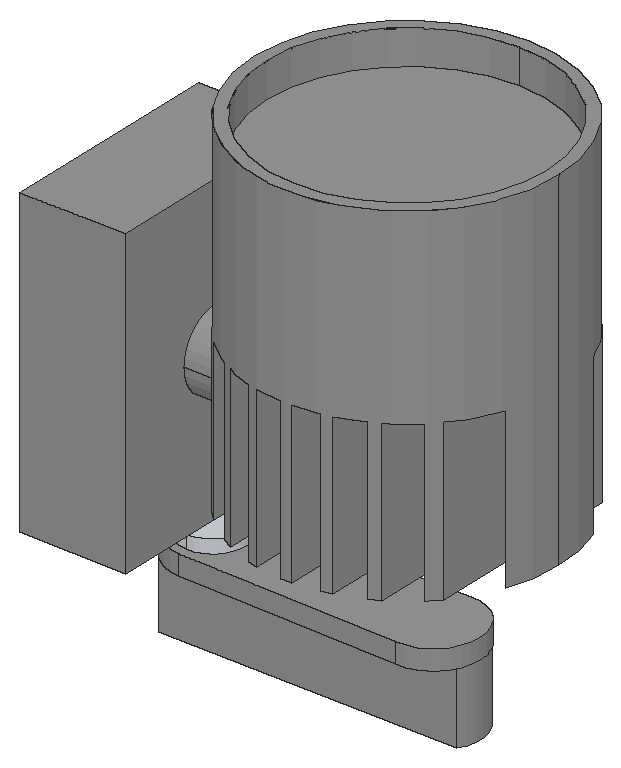
Revit family "2059897 Sylvania Lighting Fixture BEACON XL MUSE Xicato 3K O B DIM LS3 Black", category Lighting Fixtures, host Face, Revit 2016
Family settings
  Host = Face
  Part Type = Normal
  Round Connector Dimension = Use Diameter
  OmniClass Number = 23.80.70.00
  OmniClass Title = Lighting
  Cut with Voids When Loaded = No
  Light Source = Yes
  Shared = No
  Room Calculation Point = No
Parameters (values of type "2059897 BEACON XL MUSE XICATO 3K O/B DIM LS3 BLK")
  ceiling drop = 180 mm
  Weight = "n/a"
  Wattage Comments = ""
  Wattage = 0 W
  WarrantyStartDate [instance] = "n/a"
  WarrantyGuarantorParts = ""
  WarrantyDurationUnit = "http://www.sylvania-lighting.com"
  WarrantyDurationParts = "n/a"
  WarrantyDescription = "0.95"
  built-in parameter 1150110 = 1 (stored number, unit not read)
  Voltage = 0 V
  URL = "\\\\svlondc02\\data\\R&D_Fixtures_General\\Dialux Admin\\Michael H\\Bim\\All ranges Feilo\\not Completed\\Beacon Xicato\\Beacon XL Muse Xicato\\2059897.ies"
  TypeName = "BEACON XL MUSE Xicato 3K O/B DIM LS3 Black"
  Type Image = <None>
  Type Comments = "n/a"
  built-in parameter 1114217 = 1 (stored number, unit not read)
  Tilt Angle = 90.00°
  built-in parameter 1150109 = 1 (stored number, unit not read)
  built-in parameter 1150134 = 3
  built-in parameter 1150113 = 1 (stored number, unit not read)
  SerialNumber [instance] = "n/a"
  Photometric Web File = "2059897.ies"
  Material_3_FEILO = none
  PowerFactor = 0
  PowerConsumption = "0"
  NominalLength = 0 mm
  NominalHeight = 0 mm
  NominalDepth = 0 mm
  Name = "BEACON XL MUSE Xicato 3K O/B DIM LS3 Black"
  ModelReference = Name  # "BEACON XL MUSE Xicato 3K O/B DIM LS3 Black"
  ModelNumber = "2059897"
  Model = Name  # "BEACON XL MUSE Xicato 3K O/B DIM LS3 Black"
  Material = ""
  ManufacturerName = ""
  Manufacturer = ""
  LuminousEfficacy = "100"
  built-in parameter 1150105 = (empty or 0)
  Lumens = 0 lm
  LuminaireType = "547/1430 lm"
  built-in parameter 1150115 = 1 (stored number, unit not read)
  Lighting Material = none
  LightOutputRatio = "3"
  built-in parameter 1150137 = (empty or 0)
  built-in parameter 1150139 = (empty or 0)
  Light = none
  LampsType = Lamp  # "n/a"
  LampNominalLuminous = "LED"
  LampMacAdamStep = "16500"
  LampColourTemperature = "n/a"
  LampColourRenderingIndex = "n/a"
  built-in parameter 1150112 = 1 (stored number, unit not read)
  built-in parameter 1150114 = 1 (stored number, unit not read)
  Lamp = "n/a"
  Keynote = "0"
  InstallationDate [instance] = "n/a"
  InputVoltage = "IP20"
  InputNominalFrequency = "IK02"
  built-in parameter 1150132 = (empty or 0)
  built-in parameter 1150102 = (empty or 0)
  built-in parameter 1150107 = 3200 (stored number, unit not read)
  built-in parameter 1150138 = (empty or 0)
  IngressProtection = ""
  ImpactProtectionIndex = "Class II"
  built-in parameter 1150106 = (empty or 0)
  IfcExportType = "IfcLightFixtureType"
  IfcExportAs = "41"
  ExpectedLife = 50000
  Emit from Circle Diameter = 609.6 mm
  Emit Shape Visible in Rendering = no
  ElectricShockClassification = ""
  built-in parameter 1150104 = 13.8 (stored number, unit not read)
  DurationUnit = "hours"
  Driver Width = 85 mm
  DocumentationLiterature = "http://www.sylvania-lighting.com/product/en-int/products/2059897"
  DimmingControlOptions = "n/a"
  Material_2_FEILO = none
  Dimming Lamp Color Temperature Shift = <None>
  Diameter = 115 mm
  Description = "Integrated LED spotlight with Xicato Artist LED Module, black RAL 9005, unique soft-touch ring, adjustable beam angle from a 10° spot to a 70° flood, compact and minimalist design, ideal for museum, gallery and high-end retail applications, die-cast aluminium body, passive cooling heatsink, beam angle: 10° spot to 72° flood, optics: aspheric glass lens, colour temperature: 3000K warm white, total system power: 35W, total fixture output: 547/1430lm, luminaire efficacy: 41lm/W, LOR: 100%, super high colour rendering: Ra 97 typical, R9 value at 90, LED Chromacity: 3 step MacAdam ellipse, lifetime: 50,000 hours at 70% of the original output (L70), energy class: A++, A+, A, IR/UV free light source without heat radiation, operating voltage: 220-240V / 50-60Hz, drive current: 1050mA, electronic driver, dimmable via on-board potentiometer, power factor: 0.95, electrical protection: CLASS I, 3-circuit track adaptor, suitable for Concord Lytespan 3 track, ingress protection rating: IP20, suitable for internal use."
  Default Elevation = 115 mm
  CreatedOn = "01/07/2019"
  CreatedBy = "@sylvania-lighting.com"
  Cost = 0
  Color Filter = 16777215
  built-in parameter 1114216 [instance] = (empty or 0)
  ClassificationValue = "EF_70_80"
  ClassificationName = "Uniclass2015"
  Material_1_FEILO = none
  BarCode [instance] = "n/a"
  built-in parameter 1114218 = 1 (stored number, unit not read)
  built-in parameter 1150133 = 10 (stored number, unit not read)
  AssetType = "Fixed"
  AssetIdentifier [instance] = "n/a"
  Assembly Code = "D5020200"
  Apparent Load = 35 VA
  Material_4_FEILO = none
  Adaptor Width = 35 mm
  Adaptor Pivot = 24.952 mm
  Adaptor Inside Width = 16.53 mm
Reference planes
  plane 1 "Center (Front/Back)": y = 0
  plane 2: z = 0
  plane 3 "Center (Left/Right)": x = 0
  plane 4: y = 57.5
  plane 5: y = -57.5
  plane 6: x = -57.5
  plane 7: x = 57.5
  plane 8: z = 180
  plane 9: z = 18
  plane 10: x = -72.5
  plane 11: x = -112.5
  plane 12: z = 133
  plane 13: z = 48
  plane 14: z = 76
  plane 15: y = 42.5
  plane 16: y = -42.5
  plane 17: y = 18.447
  plane 18: y = -16.553
  plane 19: y = 12.476
  plane 20: y = -12.476
  plane 21: y = 8.265
  plane 22: y = -8.265
  plane 23: z = 5.5
Forms (mm)
  Extrusion 1, solid, material "Aluminum", detail levels medium+fine
    sketch origin (0, 0, 0) x (1, 0, 0) y (0, 1, 0)
      loop
        circle (0, 0) r 57.5
    from 48 to 180
  Extrusion 2, solid, material "Aluminum", detail levels medium+fine
    sketch origin (0, 0, 0) x (1, 0, 0) y (0, 1, 0)
      loop
        line (-112.5, 42.5) -> (-112.5, -42.16) -> (-72.5, -42.16) -> (-72.5, 42.5) -> (-112.5, 42.5)
    from 18 to 133
  Extrusion 3, void
    sketch origin (0, 0, 48) x (1, 0, 0) y (0, 1, 0)
      loop
        line (43.7, -85.519) -> (53.7, -85.519) -> (53.7, 68.594) -> (43.7, 68.594) -> (43.7, -85.519)
      loop
        line (39.9, -85.519) -> (39.9, 68.594) -> (29.9, 68.594) -> (29.9, -85.519) -> (39.9, -85.519)
      loop
        line (26.1, -85.519) -> (26.1, 68.594) -> (16.1, 68.594) -> (16.1, -85.519) -> (26.1, -85.519)
      loop
        line (12.3, -85.519) -> (12.3, 68.594) -> (2.3, 68.594) -> (2.3, -85.519) -> (12.3, -85.519)
      loop
        line (-1.5, -85.519) -> (-1.5, 68.594) -> (-11.5, 68.594) -> (-11.5, -85.519) -> (-1.5, -85.519)
      loop
        line (-15.3, -85.519) -> (-15.3, 68.594) -> (-25.3, 68.594) -> (-25.3, -85.519) -> (-15.3, -85.519)
      loop
        line (-29.1, -85.519) -> (-29.1, 68.594) -> (-39.1, 68.594) -> (-39.1, -85.519) -> (-29.1, -85.519)
      loop
        line (-42.9, -85.519) -> (-42.9, 68.594) -> (-52.9, 68.594) -> (-52.9, -85.519) -> (-42.9, -85.519)
    from 0 to 60
  Extrusion 4, solid, material "Aluminum"
    sketch origin (319, 1524, 1219.2) x (0, 1, 0) y (0, 0, 1)
      loop
        circle (-1524, -1143.2) r 15
    from -391.5 to -361.9
  Extrusion 5, solid, detail levels fine
    sketch origin (-0.798, -15.316, 18) x (0, 1, 0) y (1, 0, 0)
      loop
        circle (15.34, -72.5) r 12.5
    from 0 to 5
  Extrusion 6, solid, material "Aluminum", detail levels fine
    sketch origin (-1.795, -27.856, 13) x (-1, 0, 0) y (0, 1, 0)
      loop
        arc (-11.998, 45.379) -> (-29.497, 27.722) -> (-11.683, 10.382) r 17.5
        line (-11.683, 10.382) -> (71.502, 11.879)
        arc (71.502, 11.879) -> (87.502, 27.879) -> (71.502, 43.879) r 16
        line (71.502, 43.879) -> (-11.998, 45.379)
    from 0 to 7.5
  Extrusion 7, void
    sketch origin (0, 0, 180) x (0, 1, 0) y (1, 0, 0)
      loop
        circle (0, 0) r 53
    from 0 to 15
  Extrusion 8, solid, material "Aluminum", detail levels fine
    sketch origin (0, 0, 0) x (1, 0, 0) y (0, 1, 0)
      loop
        arc (-87.012, 8.265) -> (-89.298, 0) -> (-87.012, -8.265) r 16.086
        line (-87.012, -8.265) -> (25.615, -8.265)
        arc (25.615, -8.265) -> (27.702, 0) -> (25.615, 8.265) r 17.405
        line (25.615, 8.265) -> (-87.012, 8.265)
    from -21.5 to 5.5
  Extrusion 9, solid, not visible
    sketch origin (0, 0, 0) x (1, 0, 0) y (0, 1, 0)
      loop
        circle (0, 0) r 57.5
    from 48 to 180
  Extrusion 10, void, not visible
    sketch origin (0, 0, 48) x (1, 0, 0) y (0, 1, 0)
      loop
        line (43.7, -85.519) -> (53.7, -85.519) -> (53.7, 68.594) -> (43.7, 68.594) -> (43.7, -85.519)
      loop
        line (39.9, -85.519) -> (39.9, 68.594) -> (29.9, 68.594) -> (29.9, -85.519) -> (39.9, -85.519)
      loop
        line (26.1, -85.519) -> (26.1, 68.594) -> (16.1, 68.594) -> (16.1, -85.519) -> (26.1, -85.519)
      loop
        line (12.3, -85.519) -> (12.3, 68.594) -> (2.3, 68.594) -> (2.3, -85.519) -> (12.3, -85.519)
      loop
        line (-1.5, -85.519) -> (-1.5, 68.594) -> (-11.5, 68.594) -> (-11.5, -85.519) -> (-1.5, -85.519)
      loop
        line (-15.3, -85.519) -> (-15.3, 68.594) -> (-25.3, 68.594) -> (-25.3, -85.519) -> (-15.3, -85.519)
      loop
        line (-29.1, -85.519) -> (-29.1, 68.594) -> (-39.1, 68.594) -> (-39.1, -85.519) -> (-29.1, -85.519)
      loop
        line (-42.9, -85.519) -> (-42.9, 68.594) -> (-52.9, 68.594) -> (-52.9, -85.519) -> (-42.9, -85.519)
    from 0 to 60
  Extrusion 11, solid, not visible
    sketch origin (319, 1524, 1219.2) x (0, 1, 0) y (0, 0, 1)
      loop
        circle (-1524, -1143.2) r 15
    from -391.5 to -361.9
  Extrusion 12, void, not visible
    sketch origin (0, 0, 180) x (0, 1, 0) y (1, 0, 0)
      loop
        circle (0, 0) r 53
    from 0 to 15
  Extrusion 13, solid, not visible
    sketch origin (0, 0, 0) x (1, 0, 0) y (0, 1, 0)
      loop
        circle (0, 0) r 57.5
    from 48 to 180
  Extrusion 14, solid, not visible
    sketch origin (0, 0, 0) x (1, 0, 0) y (0, 1, 0)
      loop
        line (-112.5, 42.5) -> (-112.5, -42.16) -> (-72.5, -42.16) -> (-72.5, 42.5) -> (-112.5, 42.5)
    from 18 to 133
  Extrusion 15, void, not visible
    sketch origin (0, 0, 48) x (1, 0, 0) y (0, 1, 0)
      loop
        line (43.7, -85.519) -> (53.7, -85.519) -> (53.7, 68.594) -> (43.7, 68.594) -> (43.7, -85.519)
      loop
        line (39.9, -85.519) -> (39.9, 68.594) -> (29.9, 68.594) -> (29.9, -85.519) -> (39.9, -85.519)
      loop
        line (26.1, -85.519) -> (26.1, 68.594) -> (16.1, 68.594) -> (16.1, -85.519) -> (26.1, -85.519)
      loop
        line (12.3, -85.519) -> (12.3, 68.594) -> (2.3, 68.594) -> (2.3, -85.519) -> (12.3, -85.519)
      loop
        line (-1.5, -85.519) -> (-1.5, 68.594) -> (-11.5, 68.594) -> (-11.5, -85.519) -> (-1.5, -85.519)
      loop
        line (-15.3, -85.519) -> (-15.3, 68.594) -> (-25.3, 68.594) -> (-25.3, -85.519) -> (-15.3, -85.519)
      loop
        line (-29.1, -85.519) -> (-29.1, 68.594) -> (-39.1, 68.594) -> (-39.1, -85.519) -> (-29.1, -85.519)
      loop
        line (-42.9, -85.519) -> (-42.9, 68.594) -> (-52.9, 68.594) -> (-52.9, -85.519) -> (-42.9, -85.519)
    from 0 to 60
  Extrusion 16, solid, not visible
    sketch origin (319, 1524, 1219.2) x (0, 1, 0) y (0, 0, 1)
      loop
        circle (-1524, -1143.2) r 15
    from -391.5 to -361.9
  Extrusion 17, void, not visible
    sketch origin (0, 0, 180) x (0, 1, 0) y (1, 0, 0)
      loop
        circle (0, 0) r 53
    from 0 to 15
  Extrusion 18, solid, not visible
    sketch origin (0, 0, 0) x (1, 0, 0) y (0, 1, 0)
      loop
        circle (0, 0) r 57.5
    from 48 to 180
  Extrusion 19, solid, not visible
    sketch origin (0, 0, 0) x (1, 0, 0) y (0, 1, 0)
      loop
        line (-112.5, 42.5) -> (-112.5, -42.16) -> (-72.5, -42.16) -> (-72.5, 42.5) -> (-112.5, 42.5)
    from 18 to 133
  Extrusion 20, void, not visible
    sketch origin (0, 0, 48) x (1, 0, 0) y (0, 1, 0)
      loop
        line (43.7, -85.519) -> (53.7, -85.519) -> (53.7, 68.594) -> (43.7, 68.594) -> (43.7, -85.519)
      loop
        line (39.9, -85.519) -> (39.9, 68.594) -> (29.9, 68.594) -> (29.9, -85.519) -> (39.9, -85.519)
      loop
        line (26.1, -85.519) -> (26.1, 68.594) -> (16.1, 68.594) -> (16.1, -85.519) -> (26.1, -85.519)
      loop
        line (12.3, -85.519) -> (12.3, 68.594) -> (2.3, 68.594) -> (2.3, -85.519) -> (12.3, -85.519)
      loop
        line (-1.5, -85.519) -> (-1.5, 68.594) -> (-11.5, 68.594) -> (-11.5, -85.519) -> (-1.5, -85.519)
      loop
        line (-15.3, -85.519) -> (-15.3, 68.594) -> (-25.3, 68.594) -> (-25.3, -85.519) -> (-15.3, -85.519)
      loop
        line (-29.1, -85.519) -> (-29.1, 68.594) -> (-39.1, 68.594) -> (-39.1, -85.519) -> (-29.1, -85.519)
      loop
        line (-42.9, -85.519) -> (-42.9, 68.594) -> (-52.9, 68.594) -> (-52.9, -85.519) -> (-42.9, -85.519)
    from 0 to 60
  Extrusion 21, solid, not visible
    sketch origin (319, 1524, 1219.2) x (0, 1, 0) y (0, 0, 1)
      loop
        circle (-1524, -1143.2) r 15
    from -391.5 to -361.9
  Extrusion 22, solid, not visible
    sketch origin (-0.798, -15.316, 18) x (0, 1, 0) y (1, 0, 0)
      loop
        circle (15.34, -72.5) r 12.5
    from 0 to 5
  Extrusion 23, solid, not visible
    sketch origin (-1.795, -27.856, 13) x (-1, 0, 0) y (0, 1, 0)
      loop
        arc (-11.998, 45.379) -> (-29.497, 27.722) -> (-11.683, 10.382) r 17.5
        line (-11.683, 10.382) -> (71.502, 11.879)
        arc (71.502, 11.879) -> (87.502, 27.879) -> (71.502, 43.879) r 16
        line (71.502, 43.879) -> (-11.998, 45.379)
    from 0 to 7.5
  Extrusion 24, void, not visible
    sketch origin (0, 0, 180) x (0, 1, 0) y (1, 0, 0)
      loop
        circle (0, 0) r 53
    from 0 to 15
  Extrusion 25, solid, not visible
    sketch origin (0, 0, 0) x (1, 0, 0) y (0, 1, 0)
      loop
        circle (0, 0) r 57.5
    from 48 to 180
  Extrusion 26, solid, not visible
    sketch origin (0, 0, 0) x (1, 0, 0) y (0, 1, 0)
      loop
        line (-112.5, 42.5) -> (-112.5, -42.16) -> (-72.5, -42.16) -> (-72.5, 42.5) -> (-112.5, 42.5)
    from 18 to 133
  Extrusion 27, void, not visible
    sketch origin (0, 0, 48) x (1, 0, 0) y (0, 1, 0)
      loop
        line (43.7, -85.519) -> (53.7, -85.519) -> (53.7, 68.594) -> (43.7, 68.594) -> (43.7, -85.519)
      loop
        line (39.9, -85.519) -> (39.9, 68.594) -> (29.9, 68.594) -> (29.9, -85.519) -> (39.9, -85.519)
      loop
        line (26.1, -85.519) -> (26.1, 68.594) -> (16.1, 68.594) -> (16.1, -85.519) -> (26.1, -85.519)
      loop
        line (12.3, -85.519) -> (12.3, 68.594) -> (2.3, 68.594) -> (2.3, -85.519) -> (12.3, -85.519)
      loop
        line (-1.5, -85.519) -> (-1.5, 68.594) -> (-11.5, 68.594) -> (-11.5, -85.519) -> (-1.5, -85.519)
      loop
        line (-15.3, -85.519) -> (-15.3, 68.594) -> (-25.3, 68.594) -> (-25.3, -85.519) -> (-15.3, -85.519)
      loop
        line (-29.1, -85.519) -> (-29.1, 68.594) -> (-39.1, 68.594) -> (-39.1, -85.519) -> (-29.1, -85.519)
      loop
        line (-42.9, -85.519) -> (-42.9, 68.594) -> (-52.9, 68.594) -> (-52.9, -85.519) -> (-42.9, -85.519)
    from 0 to 60
  Extrusion 28, solid, not visible
    sketch origin (319, 1524, 1219.2) x (0, 1, 0) y (0, 0, 1)
      loop
        circle (-1524, -1143.2) r 15
    from -391.5 to -361.9
  Extrusion 29, solid, not visible
    sketch origin (-0.798, -15.316, 18) x (0, 1, 0) y (1, 0, 0)
      loop
        circle (15.34, -72.5) r 12.5
    from 0 to 5
  Extrusion 30, solid, not visible
    sketch origin (-1.795, -27.856, 13) x (-1, 0, 0) y (0, 1, 0)
      loop
        arc (-11.998, 45.379) -> (-29.497, 27.722) -> (-11.683, 10.382) r 17.5
        line (-11.683, 10.382) -> (71.502, 11.879)
        arc (71.502, 11.879) -> (87.502, 27.879) -> (71.502, 43.879) r 16
        line (71.502, 43.879) -> (-11.998, 45.379)
    from 0 to 7.5
  Extrusion 31, void, not visible
    sketch origin (0, 0, 180) x (0, 1, 0) y (1, 0, 0)
      loop
        circle (0, 0) r 53
    from 0 to 15
  Extrusion 32, solid, not visible
    sketch origin (0, 0, 0) x (1, 0, 0) y (0, 1, 0)
      loop
        arc (-87.012, 8.265) -> (-89.298, 0) -> (-87.012, -8.265) r 16.086
        line (-87.012, -8.265) -> (25.615, -8.265)
        arc (25.615, -8.265) -> (27.702, 0) -> (25.615, 8.265) r 17.405
        line (25.615, 8.265) -> (-87.012, 8.265)
    from -21.5 to 5.5
  Extrusion 33, solid, material "Glass, White, High Luminance", detail levels medium+fine
    sketch origin (0, 0, 165) x (0, 1, 0) y (-1, 0, 0)
      loop
        circle (0, 0) r 53
    from 0 to 2
  Extrusion 34, solid, detail levels coarse
    sketch origin (0, 0, 180) x (1, 0, 0) y (0, 1, 0)
      loop
        line (57.5, 57.5) -> (-112.5, 57.5) -> (-112.5, -57.5) -> (57.5, -57.5) -> (57.5, 57.5)
    from -201.5 to 0
Cuts and joins
  Extrusion 3, Extrusion 7 cuts Extrusion 1
Lines and regions (mm)
  reference lines
    curve 1: line (-73.298, 12.524, 13) -> (-73.298, -12.476, 13)
    curve 2: line (-60.798, -15.316, 13) -> (-85.798, -15.316, 13)
    curve 7: line (0, 53, 165) -> (0, -83.894, 165)
    curve 8: line (-53, 0, 165) -> (73.513, 0, 165)
  reference lines, not visible
    curve 3: line (-73.298, 12.524, 13) -> (-73.298, -12.476, 13)
    curve 4: line (-60.798, -15.316, 13) -> (-85.798, -15.316, 13)
    curve 5: line (-73.298, 12.524, 13) -> (-73.298, -12.476, 13)
    curve 6: line (-60.798, -15.316, 13) -> (-85.798, -15.316, 13)
Dimensions and locks
  "Diameter": plane 6 to plane 7
  equal spacing: plane 6, plane 3 "Center (Left/Right)", plane 7, locked at 57.5 each
  "Diameter": plane 4 to plane 5
  equal spacing: plane 4, plane 1 "Center (Front/Back)", plane 5, locked at 57.5 each
  "ceiling drop": plane 8 to level
  locked: plane 8 to plane 9 at 162
  locked: plane 12 to plane 9 at 115
  "Driver Width": plane 15 to plane 16
  equal spacing: plane 15, plane 1 "Center (Front/Back)", plane 16
  "Adaptor Width": plane 17 to plane 18
  "Adaptor Pivot": plane 19 to plane 20
  equal spacing: plane 19, plane 1 "Center (Front/Back)", plane 20
  "Adaptor Inside Width": plane 21 to plane 22
  equal spacing: plane 21, plane 1 "Center (Front/Back)", plane 22
  aligned and locked: plane 2 to host face
  aligned and locked: level to host face
  aligned and locked: plane 8 to Extrusion 1
Automatic sketch dimensions
  host sketch curve to host sketch curve = 2438.4 mm  (x2)
  Extrusion 3 sketch curve to Extrusion 3 sketch curve = 10 mm  (x8)
  Extrusion 3 sketch curve to Extrusion 3 sketch curve = 3.8 mm  (x7)
  Extrusion 3 sketch curve to Extrusion 3 sketch curve = 0 mm  (x14)
  Extrusion 3 sketch curve to Extrusion 3 sketch curve = 154.113 mm
  Extrusion 6 sketch curve to Extrusion 6 sketch curve = 83.185 mm
  Extrusion 6 sketch curve to Extrusion 6 sketch curve = 0.315 mm
  Extrusion 6 sketch curve to Extrusion 6 sketch curve = 1.5 mm
  Extrusion 6 sketch curve to Extrusion 6 sketch curve = 17.5 mm
  Extrusion 8 sketch curve to Extrusion 8 sketch curve = 15.318 mm
  Extrusion 10 sketch curve to Extrusion 10 sketch curve = 10 mm  (x8)
  Extrusion 10 sketch curve to Extrusion 10 sketch curve = 3.8 mm  (x7)
  Extrusion 10 sketch curve to Extrusion 10 sketch curve = 0 mm  (x14)
  Extrusion 10 sketch curve to Extrusion 10 sketch curve = 154.113 mm
  Extrusion 2 sketch curve to Extrusion 2 sketch curve = 40 mm
  Extrusion 2 sketch curve to Extrusion 2 sketch curve = 84.66 mm
  Extrusion 15 sketch curve to Extrusion 15 sketch curve = 10 mm  (x8)
  Extrusion 15 sketch curve to Extrusion 15 sketch curve = 3.8 mm  (x7)
  Extrusion 15 sketch curve to Extrusion 15 sketch curve = 0 mm  (x14)
  Extrusion 15 sketch curve to Extrusion 15 sketch curve = 154.113 mm
  Extrusion 14 sketch curve to Extrusion 14 sketch curve = 40 mm
  Extrusion 14 sketch curve to Extrusion 14 sketch curve = 84.66 mm
  Extrusion 20 sketch curve to Extrusion 20 sketch curve = 10 mm  (x8)
  Extrusion 20 sketch curve to Extrusion 20 sketch curve = 3.8 mm  (x7)
  Extrusion 20 sketch curve to Extrusion 20 sketch curve = 0 mm  (x14)
  Extrusion 20 sketch curve to Extrusion 20 sketch curve = 154.113 mm
  Extrusion 23 sketch curve to Extrusion 23 sketch curve = 83.185 mm
  Extrusion 23 sketch curve to Extrusion 23 sketch curve = 0.315 mm
  Extrusion 23 sketch curve to Extrusion 23 sketch curve = 1.5 mm
  Extrusion 23 sketch curve to Extrusion 23 sketch curve = 17.5 mm
  Extrusion 19 sketch curve to Extrusion 19 sketch curve = 40 mm
  Extrusion 19 sketch curve to Extrusion 19 sketch curve = 84.66 mm
  Extrusion 8 sketch curve to Extrusion 8 sketch curve = 0 mm  (x2)
  Extrusion 8 sketch curve to Extrusion 8 sketch curve = 13.8 mm
  Extrusion 8 sketch curve to Extrusion 8 sketch curve = 83.509 mm
  Extrusion 8 sketch curve to Extrusion 8 sketch curve = 8.265 mm
  Extrusion 27 sketch curve to Extrusion 27 sketch curve = 10 mm  (x8)
  Extrusion 27 sketch curve to Extrusion 27 sketch curve = 3.8 mm  (x7)
  Extrusion 27 sketch curve to Extrusion 27 sketch curve = 0 mm  (x14)
  Extrusion 27 sketch curve to Extrusion 27 sketch curve = 154.113 mm
  Extrusion 30 sketch curve to Extrusion 30 sketch curve = 83.185 mm
  Extrusion 30 sketch curve to Extrusion 30 sketch curve = 0.315 mm
  Extrusion 30 sketch curve to Extrusion 30 sketch curve = 1.5 mm
  Extrusion 30 sketch curve to Extrusion 30 sketch curve = 17.5 mm
  Extrusion 32 sketch curve to Extrusion 32 sketch curve = 15.318 mm
  Extrusion 26 sketch curve to Extrusion 26 sketch curve = 40 mm
  Extrusion 26 sketch curve to Extrusion 26 sketch curve = 84.66 mm
  Extrusion 32 sketch curve to Extrusion 32 sketch curve = 0 mm  (x2)
  Extrusion 32 sketch curve to Extrusion 32 sketch curve = 13.8 mm
  Extrusion 32 sketch curve to Extrusion 32 sketch curve = 83.509 mm
  Extrusion 32 sketch curve to Extrusion 32 sketch curve = 8.265 mm
  Extrusion 8 sketch curve to plane 21 = 0 mm
  Extrusion 8 sketch curve to plane 10 = 14.512 mm
  Extrusion 2 to Extrusion 5 sketch curve = 0.798 mm
  Extrusion 2 to Extrusion 5 sketch curve = 42.184 mm
  curve 2 to curve 1 = 2.84 mm
  curve 1 to curve 1 = 25 mm
  curve 2 to curve 1 = 12.5 mm
  curve 1 to curve 2 = 12.5 mm
  Extrusion 2 sketch curve to plane 11 = 0 mm
  plane 15 to Extrusion 2 sketch curve = 0 mm
  plane 1 "Center (Front/Back)" to Extrusion 1 sketch curve = 0 mm
  Extrusion 1 sketch curve to plane 3 "Center (Left/Right)" = 0 mm
  Extrusion 4 sketch curve to plane 1 "Center (Front/Back)" = 0 mm
  plane 14 to Extrusion 4 sketch curve = 0 mm
  curve 7 to curve 8 = 83.894 mm
  curve 8 to curve 7 = 53 mm
  curve 8 to curve 7 = 73.513 mm
  curve 7 to curve 8 = 53 mm
  Extrusion 34 sketch curve to Extrusion 34 sketch curve = 170 mm
  Extrusion 34 sketch curve to Extrusion 34 sketch curve = 115 mm
  radius of Extrusion 1 sketch curve = 57.5 mm
  radius of Extrusion 4 sketch curve = 15 mm
  radius of Extrusion 5 sketch curve = 12.5 mm
  radius of Extrusion 5 to Extrusion 6 sketch curve = 3.5 mm
  radius of Extrusion 7 sketch curve = 53 mm
  radius of Extrusion 9 sketch curve = 57.5 mm
  radius of Extrusion 11 sketch curve = 15 mm
  radius of Extrusion 12 sketch curve = 53 mm
  radius of Extrusion 13 sketch curve = 57.5 mm
  radius of Extrusion 16 sketch curve = 15 mm
  radius of Extrusion 17 sketch curve = 53 mm
  radius of Extrusion 18 sketch curve = 57.5 mm
  radius of Extrusion 21 sketch curve = 15 mm
  radius of Extrusion 22 sketch curve = 12.5 mm
  radius of Extrusion 22 to Extrusion 23 sketch curve = 3.5 mm
  radius of Extrusion 24 sketch curve = 53 mm
  radius of Extrusion 25 sketch curve = 57.5 mm
  radius of Extrusion 28 sketch curve = 15 mm
  radius of Extrusion 29 sketch curve = 12.5 mm
  radius of Extrusion 29 to Extrusion 30 sketch curve = 3.5 mm
  radius of Extrusion 31 sketch curve = 53 mm
  radius of Extrusion 33 sketch curve to Extrusion 7 = 0 mm
Connectors
  electrical at (-30.699, 0, -21.5)
    settings: on Extrusion 8, index 1, voltage 0 V, apparent load 0 VA, apparent load phase1 0 VA, apparent load phase2 0 VA, apparent load phase3 0 VA, power factor 1, load classification "Other", number of poles 1, system type 31, power factor state 1, is connector primary yes, connector utility no, sub classification motor no, connector description ""
